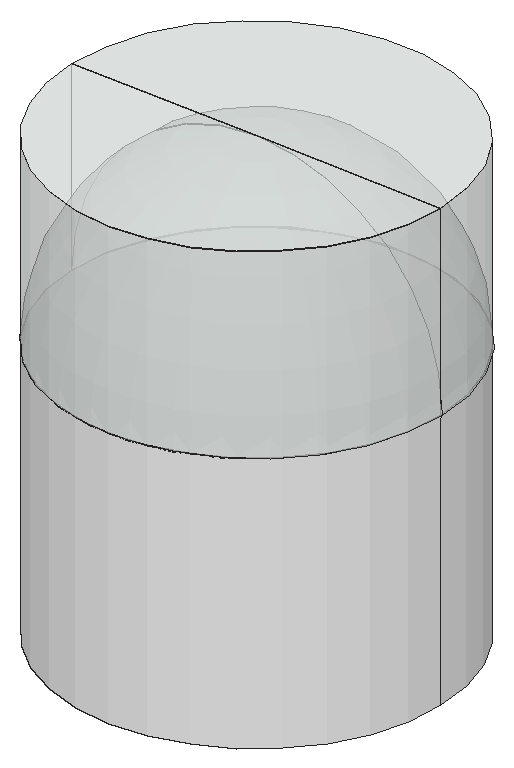
Revit family "Lighting-Surface-Acclaim-AL Dot AC", category Lighting Fixtures, host Face, Revit 2015
Parameters (values of type "AL Dot AC")
  Wattage = 9.2903 W
  built-in parameter 1150110 = 1 (stored number, unit not read)
  Voltage = 0 V
  URL = "http://www.acclaimlighting.com/"
  built-in parameter 1114217 = 1 (stored number, unit not read)
  Tilt Angle = 90.00°
  built-in parameter 1150109 = 1 (stored number, unit not read)
  built-in parameter 1150134 = 3
  built-in parameter 1150113 = 1 (stored number, unit not read)
  Power Factor = 1
  Photometric Web File = "generic"
  Number of Poles = 1
  built-in parameter 1150142 = (empty or 0)
  Model = "AL Dot AC"
  Manufacturer = "Acclaim Lighting"
  built-in parameter 1150105 = 109.82 (stored number, unit not read)
  Lumens = 1380 lm
  built-in parameter 1150115 = 1 (stored number, unit not read)
  built-in parameter 1150137 = (empty or 0)
  built-in parameter 1150139 = (empty or 0)
  built-in parameter 1150112 = 1 (stored number, unit not read)
  built-in parameter 1150114 = 1 (stored number, unit not read)
  Lamp = "LED"
  built-in parameter 1150132 = (empty or 0)
  built-in parameter 1150102 = (empty or 0)
  built-in parameter 1150107 = 3200 (stored number, unit not read)
  built-in parameter 1150138 = (empty or 0)
  built-in parameter 1150106 = 1.0982 (stored number, unit not read)
  Housing Finish = Aluminum
  Height = 0' - 5 7/64"
  Emit from Circle Diameter = 0' - 4"
  Emit Shape Visible in Rendering = no
  built-in parameter 1150104 = 13.8 (stored number, unit not read)
  Dimming Lamp Color Temperature Shift = <None>
  Diffused Flat [instance] = yes
  Diffused Dome [instance] = yes
  Description = "Surface Fixture"
  Default Elevation = 4' - 0"
  Color Filter = 16777215
  built-in parameter 1114218 = 1 (stored number, unit not read)
  built-in parameter 1150133 = 10 (stored number, unit not read)
  Apparent Load = 0 VA
Reference planes (in)
  plane 1 "Center (Front/Back)": y = 0
  plane 2: z = 0
  plane 3 "Center (Left/Right)": x = 0
  plane 4: x = 0
  plane 5: z = 5.10938
Forms (in)
  Extrusion 1, solid, material "Aluminum"
    sketch origin (0, 0, 0) x (1, 0, 0) y (0, 1, 0)
      loop
        circle (0, 0) r 2.12
    from 0 to 2.98149
  Revolve 2, solid, material "Glass", visible <- "Diffused Dome"
    sketch origin (0, 0, 0) x (1, 0, 0) y (0, 0, 1)
      loop
        line (-2.12, 2.98149) -> (0.00788, 2.98149) -> (0.00788, 5.10938)
        arc (0.00788, 5.10938) -> (-1.49676, 4.48613) -> (-2.12, 2.98149) r 2.12788
      axis (0.00788, 2.98149) -> (0.00788, 5.10938)
    angle from 0 to 360
  Revolve 3, solid, material "Glass", visible <- "Diffused Flat"
    sketch origin (0, 0, 0) x (1, 0, 0) y (0, 0, 1)
      loop
        line (-2.12, 2.98149) -> (0, 2.98149) -> (0, 5.10938) -> (-2.12, 5.10938) -> (-2.12, 2.98149)
      axis (0, 2.98149) -> (0, 5.10938)
    angle from 0 to 360
Dimensions and locks (in)
  "Height": plane 5 to host face
  aligned and locked: plane 2 to host face
  aligned and locked: level to host face
  aligned and locked: Extrusion 1 to level
  aligned and locked: imposter light to Revolve 2
Automatic sketch dimensions
  host sketch curve to host sketch curve = 8' - 0"  (x2)
  plane 1 "Center (Front/Back)" to Extrusion 1 sketch curve = 0' - 0"
  Extrusion 1 sketch curve to plane 3 "Center (Left/Right)" = 0' - 0"
  Revolve 2 sketch curve to plane 5 = 0' - 0"  (x2)
  Revolve 2 sketch curve to plane 3 "Center (Left/Right)" = 0' - 2.12"
  plane 3 "Center (Left/Right)" to Revolve 2 sketch curve = 0' - 0.00788"
  Revolve 2 sketch curve to Revolve 2 sketch curve = 0' - 0"
  Revolve 2 sketch curve to Revolve 2 sketch curve = 0' - 4"
  Revolve 3 sketch curve to plane 5 = 0' - 0"  (x2)
  Revolve 3 sketch curve to plane 3 "Center (Left/Right)" = 0' - 0"  (x2)
  Revolve 3 sketch curve to Revolve 3 sketch curve = 0' - 2.12"
  Revolve 3 sketch curve to plane 5 = 0' - 2.12788"
  Revolve 3 sketch curve to Revolve 3 sketch curve = 0' - 2 3/4"
  radius of Extrusion 1 sketch curve = 0' - 2.12"
Connectors (in)
  electrical at (0, 0, 0), driven by "Number of Poles", driven by "Voltage", driven by "Apparent Load", driven by "Power Factor"
    settings: on Extrusion 1, index 1, voltage 0 V, apparent load 0 VA, apparent load phase1 0 VA, apparent load phase2 0 VA, apparent load phase3 0 VA, power factor 1, load classification "Other", number of poles 1, system type 31, power factor state 1, is connector primary yes, connector utility yes, sub classification motor no, connector description ""
